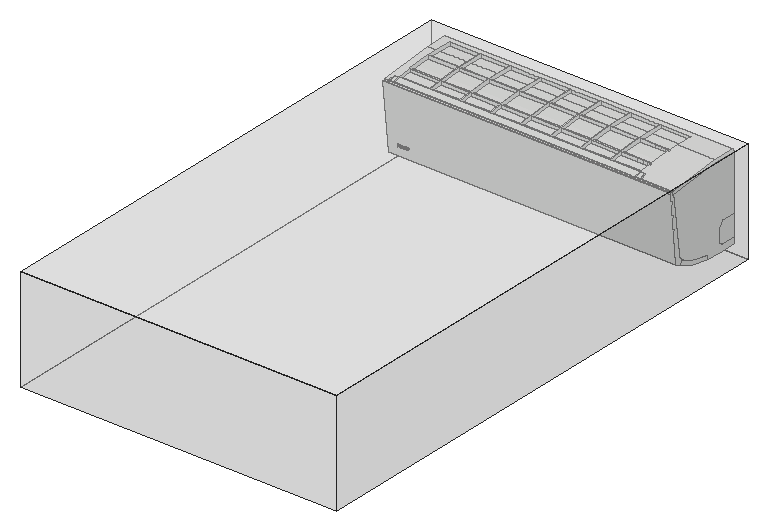
Revit family "outputfile", category 機械設備, Revit 2024
Family settings
  丸型コネクタ寸法 = 半径を使用
  パーツ タイプ = 標準
  OmniClass 番号 = 23.75.10.24.21.27.27
  OmniClass タイトル = Split System Air Conditioning Units
  作業面ベース = いいえ
  常に垂直 = はい
  ロード時にボイドで切り取り = いいえ
  注釈の向きを維持 = いいえ
  共有 = いいえ
  部屋計算ポイント = いいえ
Parameters (values of type "FTKF60CVA")
  Description = ""
  書き出し IFC クラス(タイプ) = "IfcUnitaryEquipmentType"
  定義済み IFC タイプ(タイプ) = "AIRCONDITIONINGUNIT"
  Cost = 0
  Type Comments = ""
  Keynote = ""
  Type Image = (empty or 0)
  Assembly Code = ""
  switch_frequency = yes
  lw_connection [instance] = if(Width = 730.0 mm, 85.0 mm, if(Width = 770.0 mm, 48.0 mm, 60.0 mm))  # 60.0 mm
  製造元 = "Daikin"
  モデル = "FTKF60CVA"
  r_Liquid Pipe Size = Liquid Pipe Size / 2  # 3.2 mm
  r_Gas Pipe Size = Gas Pipe Size / 2  # 6.35 mm
  r_Drain Pipe Size = Drain Pipe Size / 2  # 9.55 mm
  lw_powersupply [instance] = if(Width = 730.0 mm, if(or(Rear Right Connection_refrigerant, Bottom Right Connection_refrigerant), 65.0 mm, if(or(Rear Left Connection_refrigerant, Bottom Left Connection_refrigerant), 695.0 mm, 400.0 mm)), if(Width = 770.0 mm, if(or(Rear Right Connection_refrigerant, Bottom Right Connection_refrigerant), 68.0 mm, if(or(Rear Left Connection_refrigerant, Bottom Left Connection_refrigerant), 705.0 mm, 400.0 mm)), if(or(Rear Right Connection_refrigerant, Bottom Right Connection_refrigerant), 83.0 mm, if(or(Rear Left Connection_refrigerant, Bottom Left Connection_refrigerant), 928.0 mm, 400.0 mm))))  # 400.0 mm
  lw_liquidpipe [instance] = if(Width = 730.0 mm, if(or(Rear Right Connection_refrigerant, Bottom Right Connection_refrigerant), 0.0 mm, if(or(Rear Left Connection_refrigerant, Bottom Left Connection_refrigerant), 582.0 mm, 473.0 mm)), if(Width = 770.0 mm, if(or(Rear Right Connection_refrigerant, Bottom Right Connection_refrigerant), 0.0 mm, if(or(Rear Left Connection_refrigerant, Bottom Left Connection_refrigerant), 682.0 mm, 385.0 mm)), if(or(Rear Right Connection_refrigerant, Bottom Right Connection_refrigerant), 10.0 mm, if(or(Rear Left Connection_refrigerant, Bottom Left Connection_refrigerant), 858.0 mm, 435.0 mm))))  # 435.0 mm
  lw_gaspipe [instance] = if(Width = 730.0 mm, if(or(Rear Right Connection_refrigerant, Bottom Right Connection_refrigerant), 0.0 mm, if(or(Rear Left Connection_refrigerant, Bottom Left Connection_refrigerant), 576.0 mm, 428.0 mm)), if(Width = 770.0 mm, if(or(Rear Right Connection_refrigerant, Bottom Right Connection_refrigerant), 0.0 mm, if(or(Rear Left Connection_refrigerant, Bottom Left Connection_refrigerant), 675.0 mm, 335.0 mm)), if(or(Rear Right Connection_refrigerant, Bottom Right Connection_refrigerant), 0.0 mm, if(or(Rear Left Connection_refrigerant, Bottom Left Connection_refrigerant), 851.0 mm, 400.0 mm))))  # 400.0 mm
  lw_drainpipe [instance] = if(Width = 730.0 mm, if(or(Rear Right Connection_refrigerant, Bottom Right Connection_refrigerant), 0.0 mm, if(or(Rear Left Connection_refrigerant, Bottom Left Connection_refrigerant), 590.0 mm, 488.0 mm)), if(Width = 770.0 mm, if(or(Rear Right Connection_refrigerant, Bottom Right Connection_refrigerant), 0.0 mm, if(or(Rear Left Connection_refrigerant, Bottom Left Connection_refrigerant), 695.0 mm, 440.0 mm)), if(or(Rear Right Connection_refrigerant, Bottom Right Connection_refrigerant), 0.0 mm, if(or(Rear Left Connection_refrigerant, Bottom Left Connection_refrigerant), 888.0 mm, 475.0 mm))))  # 475.0 mm
  l_powersupply_length [instance] = if(Width = 730.0 mm, if(Right Connection_refrigerant, 400.0 mm, if(Left Connection_refrigerant, 330.0 mm, if(or(Bottom Left Connection_refrigerant, Bottom Right Connection_refrigerant), 57.0 mm, if(or(Rear Left Connection_refrigerant, Rear Right Connection_refrigerant), 15.0 mm, 50.0 mm)))), if(Width = 770.0 mm, if(Right Connection_refrigerant, 400.0 mm, if(Left Connection_refrigerant, 370.0 mm, if(or(Bottom Left Connection_refrigerant, Bottom Right Connection_refrigerant), 57.0 mm, if(or(Rear Left Connection_refrigerant, Rear Right Connection_refrigerant), 15.0 mm, 50.0 mm)))), if(Right Connection_refrigerant, 400.0 mm, if(Left Connection_refrigerant, 590.0 mm, if(or(Bottom Left Connection_refrigerant, Bottom Right Connection_refrigerant), 57.0 mm, if(or(Rear Left Connection_refrigerant, Rear Right Connection_refrigerant), 15.0 mm, 50.0 mm))))))  # 400.0 mm
  l_liquidpipe_length [instance] = if(Width = 730.0 mm, if(Right Connection_refrigerant, 558.0 mm, if(Left Connection_refrigerant, 172.0 mm, if(or(Bottom Left Connection_refrigerant, Bottom Right Connection_refrigerant), 48.0 mm, if(or(Rear Left Connection_refrigerant, Rear Right Connection_refrigerant), 30.0 mm, 40.0 mm)))), if(Width = 770.0 mm, if(Right Connection_refrigerant, 433.0 mm, if(Left Connection_refrigerant, 337.0 mm, if(or(Bottom Left Connection_refrigerant, Bottom Right Connection_refrigerant), 48.0 mm, if(or(Rear Left Connection_refrigerant, Rear Right Connection_refrigerant), 30.0 mm, 40.0 mm)))), if(Right Connection_refrigerant, 495.0 mm, if(Left Connection_refrigerant, 495.0 mm, if(or(Bottom Left Connection_refrigerant, Bottom Right Connection_refrigerant), 48.0 mm, if(or(Rear Left Connection_refrigerant, Rear Right Connection_refrigerant), 30.0 mm, 40.0 mm))))))  # 495.0 mm
  l_gaspipe_length [instance] = if(Width = 730.0 mm, if(Right Connection_refrigerant, 513.0 mm, if(Left Connection_refrigerant, 217.0 mm, if(or(Bottom Left Connection_refrigerant, Bottom Right Connection_refrigerant), 57.0 mm, if(or(Rear Left Connection_refrigerant, Rear Right Connection_refrigerant), 40.0 mm, 50.0 mm)))), if(Width = 770.0 mm, if(Right Connection_refrigerant, 383.0 mm, if(Left Connection_refrigerant, 387.0 mm, if(or(Bottom Left Connection_refrigerant, Bottom Right Connection_refrigerant), 57.0 mm, if(or(Rear Left Connection_refrigerant, Rear Right Connection_refrigerant), 40.0 mm, 50.0 mm)))), if(Right Connection_refrigerant, 460.0 mm, if(Left Connection_refrigerant, 530.0 mm, if(or(Bottom Left Connection_refrigerant, Bottom Right Connection_refrigerant), 57.0 mm, if(or(Rear Left Connection_refrigerant, Rear Right Connection_refrigerant), 40.0 mm, 50.0 mm))))))  # 460.0 mm
  l_drainpipe_length [instance] = if(Width = 730.0 mm, if(Right Connection_refrigerant, 573.0 mm, if(Left Connection_refrigerant, 157.0 mm, if(or(Bottom Left Connection_refrigerant, Bottom Right Connection_refrigerant), 35.0 mm, if(or(Rear Left Connection_refrigerant, Rear Right Connection_refrigerant), 15.0 mm, 20.0 mm)))), if(Width = 770.0 mm, if(Right Connection_refrigerant, 488.0 mm, if(Left Connection_refrigerant, 282.0 mm, if(or(Bottom Left Connection_refrigerant, Bottom Right Connection_refrigerant), 35.0 mm, if(or(Rear Left Connection_refrigerant, Rear Right Connection_refrigerant), 15.0 mm, 20.0 mm)))), if(Right Connection_refrigerant, 535.0 mm, if(Left Connection_refrigerant, 455.0 mm, if(or(Bottom Left Connection_refrigerant, Bottom Right Connection_refrigerant), 35.0 mm, if(or(Rear Left Connection_refrigerant, Rear Right Connection_refrigerant), 15.0 mm, 20.0 mm))))))  # 535.0 mm
  h*** = 0.0 mm  # constant formula
  connector_voltage = Voltage_60Hz  # 220 V
  connector_powerinput = [Power Input (Cooling)]  # 0.000 kW
  connector_phase = Phase_60Hz  # 1
  angle_vertical [instance] = if(or(Bottom Left Connection_refrigerant, Bottom Right Connection_refrigerant), 0.00°, 90.00°)  # 90.00°
  angle_horizontal [instance] = if(Right Connection_refrigerant, 90.00°, if(Left Connection_refrigerant, -90.00°, if(or(Rear Left Connection_refrigerant, Rear Right Connection_refrigerant), 180.00°, 0.00°)))  # 90.00°
  Width = 990.0 mm
  Voltage_comment_60Hz = "220"
  Voltage_60Hz = 220 V
  Version = "ver.1.0"
  Unit Type = "Wall Mounted"
  Unit Mass Weight = 13.00 kg
  Unit Designation [instance] = ""
  Uniclass2015Version = "Products v1.30"
  Uniclass2015Title = "Split coil room air conditioning units"
  Uniclass2015Code = "Pr_70_65_03_86"
  URL = ""
  Total Cooling Capacity [instance] = 0.000 kW
  Sound Pressure Level_M speed (dBA) = 41
  Sound Pressure Level_L speed (dBA) = 36
  Sound Pressure Level_H speed (dBA) = 43
  Sound Power Level_H speed (dB) = 0
  Series = "Single Split_Fan Coil Unit"
  Sensible Cooling Capacity [instance] = 0.000 kW
  Refrigerant Type = "R32"
  Power Input (Cooling) = 0.000 kW
  Phase_60Hz = 1
  Option Accessory 3 [instance] = ""
  Option Accessory 2 [instance] = ""
  Option Accessory 1 [instance] = ""
  Nominal Cooling Capacity = 6.590 kW
  Minimum Circuit Amps_60Hz = 0.0 A
  Minimum Airflow = 816.00 m³/h
  Median Airflow = 951.00 m³/h
  Maximum Fuse Amps_60Hz = 0.0 A
  Maximum Airflow = 1090.00 m³/h
  Material_Casing = DAIKIN_White_Casing_indoorunit
  Load Classification = HVAC
  Liquid Pipe Size = 6.4 mm
  Link_Nested Family [instance] = ""
  IfcVersion = ""
  IfcExportType = "AIRCONDITIONINGUNIT"
  IfcExportAs = "IfcUnitaryEquipmentType"
  Height = 297.0 mm
  Heat Exchanger Type = "Cross Fin Coil"
  Gas Pipe Size = 12.7 mm
  Frequency_60Hz = 60 Hz
  Fan Type = "Cross Flow Fan"
  Fan Drive = "Direct Drive"
  FCU Tag No. [instance] = ""
  Drain Pipe Size = 19.1 mm
  Design Supply Airflow [instance] = 0.00 m³/h
  Depth = 273.0 mm
  既定の高さ = 0.0 mm
  Cooling Entering Wet Bulb Temperature [instance] = 0.00 °C
  Cooling Entering Dry Bulb Temperature [instance] = 0.00 °C
  Cooling Ambient Wet Bulb Temperature [instance] = 0.00 °C
  Cooling Ambient Dry Bulb Temperature [instance] = 0.00 °C
  Clearance visibility [instance] = yes
  Clearance Top = 30.0 mm
  Clearance Right = 50.0 mm
  Clearance Rear = 0.0 mm
  Clearance Left = 50.0 mm
  Clearance Front = 1500.0 mm
  Clearance Bottom = 30.0 mm
  Bottom Right Connection_refrigerant [instance] = no
  Bottom Left Connection_refrigerant [instance] = no
  Rear Right Connection_refrigerant [instance] = no
  Rear Left Connection_refrigerant [instance] = no
  Right Connection_refrigerant [instance] = yes
  Left Connection_refrigerant [instance] = no
Reference planes
  plane 1 "Back": y = 0
  plane 2: z = 0
  plane 3 "Center (Left/Right)": x = 0
  plane 4 "Center (Front/Back)": y = -136.5
  plane 5 "Front": y = -273
  plane 6 "Left": x = -495
  plane 7 "Right": x = 495
  plane 8 "Top": z = 0
  plane 9 "Bottom": z = -297
  plane 10 "Front panel_Left": x = -493
  plane 11 "Front panel_Right": x = 493
  plane 12: x = 359
  plane 13: x = 354
  plane 14: x = -545
  plane 15: x = 545
  plane 16: y = 0
  plane 17: y = -213
  plane 18: z = 30
  plane 19: z = -327
  plane 20 "lw_Piping and Wiring intake": x = 435
  plane 21 "lw_gaspipe": x = 35
  plane 22 "lw_liquidpipe": x = 0
  plane 23 "lw_drainpipe": x = -40
  plane 24 "lh_drainpipe": z = -262
  plane 25 "lh_liquidpipe": z = -249
  plane 26 "lh_gaspipe": z = -240
  plane 27 "ld_drainpipe": y = -15
  plane 28 "ld_liquidpipe": y = -30
  plane 29 "ld_gaspipe": y = -40
  plane 30 "lw_powersupply": x = 95
  plane 31: y = -1773
Dimensions and locks
  equal spacing: plane 6 "Left", plane 3 "Center (Left/Right)", plane 7 "Right"
  "Width": plane 6 "Left" to plane 7 "Right"
  equal spacing: plane 5 "Front", plane 4 "Center (Front/Back)", plane 1 "Back"
  "Depth": plane 5 "Front" to plane 1 "Back"
  "Height": plane 8 "Top" to plane 9 "Bottom"
  locked: plane 10 "Front panel_Left" to plane 6 "Left" at 2
  locked: plane 7 "Right" to plane 11 "Front panel_Right" at 2
  locked: plane 7 "Right" to plane 12 at 136
  locked: plane 12 to plane 13 at 5
  "Clearance Rear": plane 16 to plane 1 "Back"
  "Clearance Top": plane 18 to plane 8 "Top"
  "Clearance Bottom": plane 9 "Bottom" to plane 19
  "lw_connection": plane 20 "lw_Piping and Wiring intake" to plane 7 "Right"
  "lw_gaspipe": plane 21 "lw_gaspipe" to plane 20 "lw_Piping and Wiring intake"
  "lw_liquidpipe": plane 22 "lw_liquidpipe" to plane 20 "lw_Piping and Wiring intake"
  "lw_drainpipe": plane 23 "lw_drainpipe" to plane 20 "lw_Piping and Wiring intake"
  locked: plane 24 "lh_drainpipe" to plane 9 "Bottom" at 35
  locked: plane 25 "lh_liquidpipe" to plane 9 "Bottom" at 48
  locked: plane 26 "lh_gaspipe" to plane 9 "Bottom" at 57
  locked: plane 27 "ld_drainpipe" to plane 1 "Back" at 15
  locked: plane 1 "Back" to plane 28 "ld_liquidpipe" at 30
  locked: plane 1 "Back" to plane 29 "ld_gaspipe" at 40
  "lw_powersupply": plane 30 "lw_powersupply" to plane 7 "Right"
  "Clearance Left": plane 14 to plane 6 "Left"
  "Clearance Right": plane 7 "Right" to plane 15
  "Clearance Front": plane 5 "Front" to plane 31
  aligned and locked: level to plane 2
  aligned and locked: plane 16 to nested 1
  aligned and locked: nested 1 to plane 14
  aligned and locked: nested 1 to plane 15
  aligned and locked: plane 19 to nested 1
  aligned and locked: plane 18 to nested 1
  aligned and locked: plane 21 "lw_gaspipe" to nested 2
  aligned and locked: nested 2 to plane 29 "ld_gaspipe"
  aligned and locked: plane 22 "lw_liquidpipe" to nested 3
  aligned and locked: nested 3 to plane 28 "ld_liquidpipe"
  aligned and locked: plane 23 "lw_drainpipe" to nested 4
  aligned and locked: nested 4 to plane 27 "ld_drainpipe"
  aligned and locked: nested 5 to plane 27 "ld_drainpipe"
  aligned and locked: plane 30 "lw_powersupply" to nested 5
  aligned and locked: level to plane 8 "Top"
  aligned and locked: nested 1 to plane 31
Nested families
  nested 1: "daikin_clearancespace" at (0, -886.5, -148.381), show <- "Clearance visibility", visible <- "Clearance visibility", Link_Nested Family <- "Link_Nested Family", type "daikin_clearancespace"
    with width 1090.0 mm, show yes, height 357.0 mm, depth 1773.0 mm, Link_Nested Family ""
  nested 2: "daikin_connector_rotate3" at (35, -40, -240), angle_vertical <- "angle_vertical", angle_horizontal <- "angle_horizontal", length <- "l_gaspipe_length", radius <- "r_Gas Pipe Size", type "daikin_connector_rotate3"
    with show no, radius 6.35 mm, length 460.0 mm, angle_vertical 90.00°, angle_horizontal 90.00°
  nested 3: "daikin_connector_rotate3" at (0, -30, -249), angle_vertical <- "angle_vertical", angle_horizontal <- "angle_horizontal", radius <- "r_Liquid Pipe Size", length <- "l_liquidpipe_length", type "daikin_connector_rotate3"
    with show no, radius 3.2 mm, length 495.0 mm, angle_vertical 90.00°, angle_horizontal 90.00°
  nested 4: "daikin_connector_rotate3" at (-40, -15, -262), angle_vertical <- "angle_vertical", angle_horizontal <- "angle_horizontal", length <- "l_drainpipe_length", radius <- "r_Drain Pipe Size", type "daikin_connector_rotate3"
    with show no, radius 9.55 mm, length 535.0 mm, angle_vertical 90.00°, angle_horizontal 90.00°
  nested 5: "daikin_connector_rotate3" at (95, -15, -240), angle_vertical <- "angle_vertical", angle_horizontal <- "angle_horizontal", length <- "l_powersupply_length", type "daikin_connector_rotate3"
    with show no, radius 10.0 mm, length 400.0 mm, angle_vertical 90.00°, angle_horizontal 90.00°
  nested 6: "DAIKIN_indoorunit_FTKF-CVA" at (-31, 0, 0), type "FTKF-CVA"
    with switch_unit1_60-71 yes, switch_unit1_20-25 no, Width 990.0 mm, WALL HOLE-R 48.0 mm, Height 297.0 mm
Connectors
  piping at (495, -40, -240), diameter 12.7, driven by "r_Gas Pipe Size"
    settings: on nested 2, index 1, connector inside diameter 609.6 mm, connector length 0.0 mm, flow factor 0, pipe flow 0.00 m³/h, pressure drop 0.0 Pa, fitting loss kfactor 0, connector angle 0.00°, fixture units 0, engagement length 0.0 mm, angle of deflection 0.00°, flow configuration 1, flow direction 2, fitting loss method 0, system type 29, joint type 0, gender type 0, connector reference index -1, connector utility 0, adjustable connector no, is connector primary yes, connector description "Refrigerant Gas Piping"
  piping at (495, -30, -249), diameter 6.4, driven by "r_Liquid Pipe Size"
    settings: on nested 3, index 2, connector inside diameter 609.6 mm, connector length 0.0 mm, flow factor 0, pipe flow 0.00 m³/h, pressure drop 0.0 Pa, fitting loss kfactor 0, connector angle 0.00°, fixture units 0, engagement length 0.0 mm, angle of deflection 0.00°, flow configuration 1, flow direction 1, fitting loss method 0, system type 29, joint type 0, gender type 0, connector reference index -1, connector utility 0, adjustable connector no, is connector primary no, connector description "Refrigerant Liquid Piping"
  piping at (495, -15, -262), diameter 19.1, driven by "r_Drain Pipe Size"
    settings: on nested 4, index 3, connector inside diameter 609.6 mm, connector length 0.0 mm, flow factor 0, pipe flow 0.00 m³/h, pressure drop 0.0 Pa, fitting loss kfactor 0, connector angle 0.00°, fixture units 0, engagement length 0.0 mm, angle of deflection 0.00°, flow configuration 1, flow direction 2, fitting loss method 4, system type 16, joint type 0, gender type 0, connector reference index -1, connector utility 0, adjustable connector no, is connector primary no, connector description "Condensate Drain Piping"
  electrical at (495, -15, -240), driven by "Load Classification", driven by "connector_phase", driven by "connector_powerinput", driven by "connector_voltage"
    settings: on nested 5, index 4, voltage 220 V, apparent load 0 VA, apparent load phase1 0 VA, apparent load phase2 0 VA, apparent load phase3 0 VA, power factor 1, load classification "HVAC", number of poles 1, system type 30, power factor state 1, is connector primary yes, connector utility no, sub classification motor no, connector description "Power Supply"
Definition of nested family "daikin_clearancespace"
  Parameters (values of type "daikin_clearancespace")
    Description = "daikin_clearancespace"
    width [instance] = 1823.963 mm
    show [instance] = yes
    material = none
    height [instance] = 1359.762 mm
    depth [instance] = 880.0 mm
    Default Elevation = 0.0 mm
    Link_Nested Family [instance] = ""
  Reference planes
    plane 1 "Center (Front/Back)": y = 0
    plane 2 "Center (Elevation)": z = -0.119
    plane 3 "Center (Left/Right)": x = 0
    plane 4: y = 440
    plane 5: y = -440
    plane 6 "Right": x = 911.982
    plane 7 "Left": x = -911.982
    plane 8 "Top": z = 679.762
    plane 9 "Bottom": z = -680
  Forms (mm)
    Extrusion 1, solid, material <- "material", visible <- "show"
      sketch origin (0, 0, 0) x (1, 0, 0) y (0, 1, 0)
        loop
          line (-911.982, 440) -> (-911.982, -440) -> (911.982, -440) -> (911.982, 440) -> (-911.982, 440)
      from -680 to 679.762
  Lines and regions (mm)
    symbolic lines, visible <- "show"
      curve 1: line (911.982, 440, 0) -> (-911.982, 440, 0)
      curve 2: line (-911.982, 440, 0) -> (-911.982, -440, 0)
      curve 3: line (-911.982, -440, 0) -> (911.982, -440, 0)
      curve 4: line (911.982, -440, 0) -> (911.982, 440, 0)
      curve 5: line (911.982, 0, 679.762) -> (-911.982, 0, 679.762)
      curve 6: line (911.982, 0, -680) -> (911.982, 0, 679.762)
      curve 7: line (-911.982, 0, -680) -> (911.982, 0, -680)
      curve 8: line (-911.982, 0, 679.762) -> (-911.982, 0, -680)
      curve 9: line (0, 440, 679.762) -> (0, -440, 679.762)
      curve 10: line (0, -440, 679.762) -> (0, -440, -680)
      curve 11: line (0, 440, -680) -> (0, 440, 679.762)
      curve 12: line (0, -440, -680) -> (0, 440, -680)
  Dimensions and locks
    "width": plane 7 "Left" to plane 6 "Right"
    "depth": plane 4 to plane 5
    "height": plane 8 "Top" to plane 9 "Bottom"
    equal spacing: plane 7 "Left", plane 3 "Center (Left/Right)", plane 6 "Right"
    equal spacing: plane 4, plane 1 "Center (Front/Back)", plane 5
    equal spacing: plane 8 "Top", plane 2 "Center (Elevation)", plane 9 "Bottom"
    aligned and locked: level to plane 2 "Center (Elevation)"
    aligned and locked: Extrusion 1 sketch curve to plane 4
    aligned and locked: plane 7 "Left" to Extrusion 1 sketch curve
    aligned and locked: Extrusion 1 sketch curve to plane 5
    aligned and locked: Extrusion 1 sketch curve to plane 6 "Right"
    aligned and locked: plane 8 "Top" to Extrusion 1
    aligned and locked: curve 1 to Extrusion 1
    aligned and locked: curve 2 to Extrusion 1
    aligned and locked: curve 3 to Extrusion 1
    aligned and locked: curve 4 to Extrusion 1
    aligned and locked: curve 5 to Extrusion 1
    aligned and locked: curve 6 to Extrusion 1
    aligned and locked: curve 7 to Extrusion 1
    aligned and locked: curve 8 to Extrusion 1
    aligned and locked: curve 9 to Extrusion 1
    aligned and locked: curve 10 to Extrusion 1
    aligned and locked: curve 11 to Extrusion 1
    aligned and locked: curve 12 to Extrusion 1
    aligned and locked: Extrusion 1 to plane 9 "Bottom"
Definition of nested family "DAIKIN_indoorunit_FTKF-CVA"
  Parameters (values of type "FTKF-CVA")
    switch_unit1_60-71 = Width = 990.0 mm  # no
    switch_unit1_35-50 = Width = 770.0 mm  # no
    switch_unit1_20-25 = Width = 730.0 mm  # yes
    Width = 730.0 mm
    WALL HOLE-R = if(Width = 730.0 mm, 79.0 mm, 48.0 mm)  # 79.0 mm
    Material_Casing = none
    Height = if(Width = 730.0 mm, 280.0 mm, if(Width = 770.0 mm, 288.0 mm, 297.0 mm))  # 280.0 mm
    Default Elevation = 0.0 mm
  Reference planes
    plane 1 "Center (Front/Back)": y = 0
    plane 2 "reference_level": z = 0
    plane 3 "Center (Left/Right)": x = 31
    plane 4: x = -334
    plane 5: x = 396
    plane 6: z = -280
  Forms (mm)
    Extrusion 1, solid, material <- "Material_Casing", visible <- "switch_unit1_20-25"
      sketch origin (31, 0, 0) x (0, 1, 0) y (0, 0, 1)
        loop
          line (-109.519, -8) -> (-2.596, -8) -> (-8.198, 0) -> (-109.608, 0)
          arc (-109.608, 0) -> (-157.226, -5.2) -> (-202.599, -20.555) r 220.623
          line (-202.599, -20.555) -> (-202.447, -29.25)
          arc (-202.447, -29.25) -> (-157.182, -13.38) -> (-109.519, -8) r 213.82
      from -365 to 365
    Extrusion 2, solid, material <- "Material_Casing", visible <- "switch_unit1_20-25"
      sketch origin (416, 1304.033, 1200.206) x (0, 1, 0) y (0, 0, 1)
        loop
          arc (-1496.513, -1423.164) -> (-1487.225, -1434.204) -> (-1476.373, -1443.711) r 95
          arc (-1476.373, -1443.711) -> (-1448.371, -1461.92) -> (-1418.191, -1476.232) r 250
          line (-1418.191, -1476.232) -> (-1418.191, -1465.318)
          arc (-1418.191, -1465.318) -> (-1445.052, -1452.134) -> (-1470.063, -1435.711) r 240
          arc (-1470.063, -1435.711) -> (-1477.766, -1429.186) -> (-1484.641, -1421.794) r 85
          line (-1484.641, -1421.794) -> (-1496.513, -1423.164)
      from -20 to -177
    Extrusion 3, solid, material <- "Material_Casing", visible <- "switch_unit1_20-25"
      sketch origin (31, 0, 0) x (0, 1, 0) y (0, 0, 1)
        loop
          line (-202.769, -10.816) -> (-211.618, -13.692)
          arc (-211.618, -13.692) -> (-212.628, -14.432) -> (-213, -15.629) r 2
          line (-213, -15.629) -> (-210.348, -167.5)
          arc (-210.348, -167.5) -> (-206.029, -195.818) -> (-193.465, -221.562) r 95
          line (-193.465, -221.562) -> (-181.653, -220.199)
          arc (-181.653, -220.199) -> (-195.31, -195.356) -> (-200.037, -167.403) r 85
          line (-200.037, -167.403) -> (-202.769, -10.816)
      from -365 to 365
    Extrusion 4, solid, material <- "Material_Casing", visible <- "switch_unit1_20-25"
      sketch origin (31, 0, 0) x (0, 1, 0) y (0, 0, 1)
        loop
          line (0, -280) -> (0, -11.707) -> (-2.596, -8) -> (-109.519, -8)
          arc (-109.519, -8) -> (-156.378, -13.198) -> (-200.959, -28.539) r 213.82
          line (-200.959, -28.539) -> (-198.537, -167.295)
          arc (-198.537, -167.295) -> (-189.766, -204.754) -> (-165.131, -234.305) r 83.5
          arc (-165.131, -234.305) -> (-139.841, -250.873) -> (-112.659, -264.109) r 238.5
          line (-112.659, -264.109) -> (-112.659, -276.338)
          arc (-112.659, -276.338) -> (-100.834, -279.079) -> (-88.731, -280) r 80
          line (-88.731, -280) -> (0, -280)
      from -365 to 365
    Extrusion 5, solid, material <- "Material_Casing", visible <- "switch_unit1_20-25"
      sketch origin (-354, 1304.033, 1200.206) x (0, 1, 0) y (0, 0, 1)
        loop
          arc (-1496.513, -1423.164) -> (-1487.225, -1434.204) -> (-1476.373, -1443.711) r 95
          arc (-1476.373, -1443.711) -> (-1448.371, -1461.92) -> (-1418.191, -1476.232) r 250
          line (-1418.191, -1476.232) -> (-1418.191, -1465.318)
          arc (-1418.191, -1465.318) -> (-1445.052, -1452.134) -> (-1470.063, -1435.711) r 240
          arc (-1470.063, -1435.711) -> (-1477.766, -1429.186) -> (-1484.641, -1421.794) r 85
          line (-1484.641, -1421.794) -> (-1496.513, -1423.164)
      from 72 to 20
    Extrusion 6, solid, material <- "Material_Casing", visible <- "switch_unit1_20-25"
      sketch origin (31, 7.782, 0.206) x (0, 1, 0) y (0, 0, 1)
        loop
          line (-188.39, -221.794) -> (-200.262, -223.164)
          arc (-200.262, -223.164) -> (-190.975, -234.204) -> (-180.122, -243.711) r 95
          arc (-180.122, -243.711) -> (-152.12, -261.92) -> (-121.941, -276.232) r 250
          line (-121.941, -276.232) -> (-121.941, -265.318)
          arc (-121.941, -265.318) -> (-148.801, -252.134) -> (-173.813, -235.711) r 240
          arc (-173.813, -235.711) -> (-181.515, -229.186) -> (-188.39, -221.794) r 85
      from 204 to -309
    Extrusion 7, void
      sketch origin (31, 0, -235) x (1, 0, 0) y (0, 1, 0)
        loop
          line (-324.633, -72.419) -> (-304, -73.5) -> (-234.9, -73.5) -> (-234.9, -24.5) -> (-324.633, -24.5) -> (-324.633, -72.419)
        loop
          line (-304, -74.9) -> (-324.633, -75.939) -> (-324.633, -139.819) -> (-304, -140.9) -> (-234.9, -140.9) -> (-234.9, -74.9) -> (-304, -74.9)
        loop
          line (-304, -142.3) -> (-324.633, -143.326) -> (-324.633, -182.209) -> (-300, -183.5) -> (-234.9, -183.5) -> (-234.9, -142.3) -> (-304, -142.3)
        loop
          line (-233.5, -142.3) -> (-233.5, -183.5) -> (-146.9, -183.5) -> (-146.9, -142.3) -> (-233.5, -142.3)
        loop
          line (-233.5, -140.9) -> (-146.9, -140.9) -> (-146.9, -74.9) -> (-233.5, -74.9) -> (-233.5, -140.9)
        loop
          line (-233.5, -73.5) -> (-146.9, -73.5) -> (-146.9, -24.5) -> (-233.5, -24.5) -> (-233.5, -73.5)
        loop
          line (-145.5, -73.5) -> (-74.9, -73.5) -> (-54.9, -72.452) -> (-54.9, -24.5) -> (-145.5, -24.5) -> (-145.5, -73.5)
        loop
          line (-145.5, -74.9) -> (-145.5, -140.9) -> (-74.9, -140.9) -> (-54.9, -139.852) -> (-54.9, -75.948) -> (-74.9, -74.9) -> (-145.5, -74.9)
        loop
          line (-145.5, -142.3) -> (-145.5, -183.5) -> (-74.9, -183.5) -> (-54.9, -182.452) -> (-54.9, -143.348) -> (-74.9, -142.3) -> (-145.5, -142.3)
        loop
          line (-53.5, -24.5) -> (-53.5, -72.452) -> (-33.5, -73.5) -> (36.5, -73.5) -> (36.5, -24.5) -> (-53.5, -24.5)
        loop
          line (-53.5, -75.948) -> (-53.5, -139.852) -> (-33.5, -140.9) -> (36.5, -140.9) -> (36.5, -74.9) -> (-33.5, -74.9) -> (-53.5, -75.948)
        loop
          line (-33.5, -142.3) -> (-53.5, -143.348) -> (-53.5, -182.452) -> (-33.5, -183.5) -> (36.5, -183.5) -> (36.5, -142.3) -> (-33.5, -142.3)
        loop
          line (37.9, -24.5) -> (37.9, -73.5) -> (124.9, -73.5) -> (124.9, -24.5) -> (37.9, -24.5)
        loop
          line (37.9, -74.9) -> (37.9, -140.9) -> (124.9, -140.9) -> (124.9, -74.9) -> (37.9, -74.9)
        loop
          line (37.9, -142.3) -> (37.9, -183.5) -> (124.9, -183.5) -> (124.9, -142.3) -> (37.9, -142.3)
        loop
          line (126.3, -24.5) -> (126.3, -73.5) -> (195.6, -73.5) -> (216, -72.431) -> (216, -24.5) -> (126.3, -24.5)
        loop
          line (126.3, -74.9) -> (126.3, -140.9) -> (198.5, -140.9) -> (216, -139.983) -> (216, -75.817) -> (198.5, -74.9) -> (126.3, -74.9)
        loop
          line (126.3, -142.3) -> (126.3, -183.5) -> (198.337, -183.5) -> (216, -182.623) -> (216, -143.217) -> (198.5, -142.3) -> (126.3, -142.3)
      from 201.638 to 250
    Extrusion 8, solid, material <- "Material_Casing"
      sketch origin (31, 0, 0) x (1, 0, 0) y (0, 0, 1)
        loop
          circle (286, -235) r 40
        loop
          circle (-317, -235) r 40
      from 0 to 5
    Extrusion 9, solid, material <- "Material_Casing", visible <- "switch_unit1_20-25"
      sketch origin (396, 1296.25, 1200) x (0, -1, 0) y (0, 0, 1)
        loop
          line (1326.25, -1413) -> (1296.25, -1413) -> (1296.25, -1473) -> (1326.25, -1473)
          arc (1326.25, -1473) -> (1340.393, -1467.142) -> (1346.25, -1453) r 20
          line (1346.25, -1453) -> (1346.25, -1433)
          arc (1346.25, -1433) -> (1340.393, -1418.858) -> (1326.25, -1413) r 20
      from 0 to 5
    Extrusion 10, solid, material <- "Material_Casing", visible <- "switch_unit1_20-25"
      sketch origin (-334, 1296.25, 1200) x (0, 1, 0) y (0, 0, 1)
        loop
          line (-1296.25, -1413) -> (-1326.25, -1413)
          arc (-1326.25, -1413) -> (-1340.393, -1418.858) -> (-1346.25, -1433) r 20
          line (-1346.25, -1433) -> (-1346.25, -1453)
          arc (-1346.25, -1453) -> (-1340.393, -1467.142) -> (-1326.25, -1473) r 20
          line (-1326.25, -1473) -> (-1296.25, -1473) -> (-1296.25, -1413)
      from 0 to 5
    Extrusion 11, solid, material <- "Material_Casing", visible <- "switch_unit1_20-25"
      sketch origin (11, 0, -285) x (-1, 0, 0) y (0, -1, 0)
        loop
          line (-279, 0) -> (-279, 30)
          arc (-279, 30) -> (-284.419, 43.081) -> (-297.5, 48.5) r 18.5
          line (-297.5, 48.5) -> (-320.5, 48.5)
          arc (-320.5, 48.5) -> (-333.581, 43.081) -> (-339, 30) r 18.5
          line (-339, 30) -> (-339, 0) -> (-279, 0)
        loop
          line (326, 0) -> (326, 30)
          arc (326, 30) -> (320.581, 43.081) -> (307.5, 48.5) r 18.5
          line (307.5, 48.5) -> (284.5, 48.5)
          arc (284.5, 48.5) -> (271.419, 43.081) -> (266, 30) r 18.5
          line (266, 30) -> (266, 0) -> (326, 0)
      from 10 to 5
    Extrusion 12, solid, material <- "Material_Casing", visible <- "switch_unit1_35-50"
      sketch origin (31, 0, 0) x (0, 1, 0) y (0, 0, 1)
        loop
          line (-5, 0) -> (-45.84, 0)
          arc (-45.84, 0) -> (-135.906, -3.965) -> (-225.275, -15.831) r 1024.823
          arc (-225.275, -15.831) -> (-224.639, -21.302) -> (-223.878, -26.758) r 241.564
          arc (-223.878, -26.758) -> (-135.207, -14.947) -> (-45.84, -11) r 1013.66
          line (-45.84, -11) -> (0, -11) -> (0, -9.02) -> (-5, 0)
      from -385 to 385
    Extrusion 13, solid, material <- "Material_Casing", visible <- "switch_unit1_35-50"
      sketch origin (31, 0, 0) x (0, 1, 0) y (0, 0, 1)
        loop
          arc (-226.673, -12.416) -> (-229.519, -12.929) -> (-232.363, -13.449) r 1025.776
          arc (-232.363, -13.449) -> (-233.586, -14.198) -> (-233.994, -15.573) r 2
          line (-233.994, -15.573) -> (-218.08, -217.408)
          arc (-218.08, -217.408) -> (-211.296, -237.286) -> (-195.807, -251.472) r 42.415
          line (-195.807, -251.472) -> (-186.556, -243.946)
          arc (-186.556, -243.946) -> (-193.981, -235.221) -> (-197.648, -224.366) r 30.386
          line (-197.648, -224.366) -> (-226.673, -12.416)
      from -385 to 385
    Extrusion 14, void
      sketch origin (33, 0, 0) x (1, 0, 0) y (0, 1, 0)
        loop
          line (-357.499, -23.5) -> (-357.499, -96.7) -> (-255.999, -96.7) -> (-255.999, -23.5) -> (-357.499, -23.5)
        loop
          line (-255.999, -99.1) -> (-357.499, -99.1) -> (-357.499, -170.1) -> (-255.999, -170.1) -> (-255.999, -99.1)
        loop
          line (-255.999, -171.7) -> (-357.499, -171.7) -> (-357.499, -201.7) -> (-255.999, -201.7) -> (-255.999, -171.7)
        loop
          line (-253.399, -23.5) -> (-253.399, -96.7) -> (-153.899, -96.7) -> (-153.899, -23.5) -> (-253.399, -23.5)
        loop
          line (-253.399, -99.1) -> (-253.399, -170.1) -> (-153.899, -170.1) -> (-153.899, -99.1) -> (-253.399, -99.1)
        loop
          line (-153.899, -171.7) -> (-253.399, -171.7) -> (-253.399, -201.7) -> (-153.899, -201.7) -> (-153.899, -171.7)
        loop
          line (-56.549, -23.5) -> (-151.299, -23.5) -> (-151.299, -96.7) -> (-56.549, -96.7) -> (-56.549, -23.5)
        loop
          line (-151.299, -99.1) -> (-151.299, -170.1) -> (-56.549, -170.1) -> (-56.549, -99.1) -> (-151.299, -99.1)
        loop
          line (-56.549, -171.7) -> (-151.299, -171.7) -> (-151.299, -201.7) -> (-56.549, -201.7) -> (-56.549, -171.7)
        loop
          line (50.301, -23.5) -> (-44.549, -23.5) -> (-44.549, -96.7) -> (50.301, -96.7) -> (50.301, -23.5)
        loop
          line (-44.549, -99.1) -> (-44.549, -170.1) -> (50.301, -170.1) -> (50.301, -99.1) -> (-44.549, -99.1)
        loop
          line (50.301, -171.7) -> (-44.549, -171.7) -> (-44.549, -201.7) -> (50.301, -201.7) -> (50.301, -171.7)
        loop
          line (52.901, -23.5) -> (52.901, -96.7) -> (152.401, -96.7) -> (152.401, -23.5) -> (52.901, -23.5)
        loop
          line (52.901, -99.1) -> (52.901, -170.1) -> (152.401, -170.1) -> (152.401, -99.1) -> (52.901, -99.1)
        loop
          line (52.901, -171.7) -> (52.901, -201.7) -> (152.401, -201.7) -> (152.401, -171.7) -> (52.901, -171.7)
        loop
          line (155.001, -23.5) -> (155.001, -96.7) -> (256.501, -96.7) -> (256.501, -23.5) -> (155.001, -23.5)
        loop
          line (155.001, -99.1) -> (155.001, -170.1) -> (217.501, -170.1) -> (229.501, -170.1) -> (241.501, -170.1) -> (256.501, -170.1) -> (256.501, -152.1) -> (256.501, -134.1) -> (256.501, -116.1) -> (256.501, -99.1) -> (241.501, -99.1) -> (229.501, -99.1) -> (217.501, -99.1) -> (155.001, -99.1)
        loop
          line (155.001, -171.7) -> (155.001, -201.7) -> (217.501, -201.7) -> (229.501, -201.7) -> (241.501, -201.7) -> (256.501, -201.7) -> (256.501, -171.7) -> (241.501, -171.7) -> (229.501, -171.7) -> (217.501, -171.7) -> (155.001, -171.7)
      from -40.013 to 47.268
    Extrusion 15, solid, material <- "Material_Casing", visible <- "switch_unit1_35-50"
      sketch origin (-356, 1308.25, 1200) x (0, 1, 0) y (0, 0, -1)
        loop
          line (-1407.524, 1473.254) -> (-1407.524, 1484.154)
          arc (-1407.524, 1484.154) -> (-1456.679, 1472.122) -> (-1503.106, 1451.987) r 299.52
          line (-1503.106, 1451.987) -> (-1494.032, 1444.604)
          arc (-1494.032, 1444.604) -> (-1451.915, 1462.363) -> (-1407.524, 1473.254) r 288.723
      from -2 to -49.5
    Extrusion 16, solid, material <- "Material_Casing", visible <- "switch_unit1_35-50"
      sketch origin (418, 1308.25, 1200) x (0, 1, 0) y (0, 0, 1)
        loop
          arc (-1407.524, -1473.254) -> (-1451.915, -1462.363) -> (-1494.032, -1444.604) r 288.723
          line (-1494.032, -1444.604) -> (-1503.106, -1451.987)
          arc (-1503.106, -1451.987) -> (-1456.679, -1472.122) -> (-1407.524, -1484.154) r 299.52
          line (-1407.524, -1484.154) -> (-1407.524, -1473.254)
      from -2 to -119.5
    Extrusion 17, solid, material <- "Material_Casing", visible <- "switch_unit1_35-50"
      sketch origin (418, 1308.25, 1200) x (0, 1, 0) y (0, 0, 1)
        loop
          line (-1407.524, -1484.154) -> (-1407.524, -1473.254)
          arc (-1407.524, -1473.254) -> (-1451.915, -1462.363) -> (-1494.032, -1444.604) r 288.723
          line (-1494.032, -1444.604) -> (-1503.106, -1451.987)
          arc (-1503.106, -1451.987) -> (-1456.679, -1472.122) -> (-1407.524, -1484.154) r 299.52
      from -119.5 to -724.5
    Extrusion 18, solid, material <- "Material_Casing", visible <- "switch_unit1_35-50"
      sketch origin (31, 0, -30) x (0, 1, 0) y (0, 0, 1)
        loop
          arc (-45.84, 19) -> (-135.218, 15.052) -> (-223.901, 3.238) r 1013.66
          line (-223.901, 3.238) -> (-196.855, -194.257)
          arc (-196.855, -194.257) -> (-192.985, -205.344) -> (-185.107, -214.052) r 29.589
          arc (-185.107, -214.052) -> (-142.926, -231.76) -> (-98.473, -242.568) r 288.081
          line (-98.473, -242.568) -> (-98.525, -254.271)
          arc (-98.525, -254.271) -> (-75.337, -257.066) -> (-52, -258) r 292.099
          line (-52, -258) -> (0, -258) -> (0, 19) -> (-45.84, 19)
      from -385 to 385
    Extrusion 19, solid, material <- "Material_Casing", visible <- "switch_unit1_35-50"
      sketch origin (416, 1296.25, 1200) x (0, -1, 0) y (0, 0, 1)
        loop
          line (1329.05, -1409.6) -> (1296.25, -1409.6) -> (1296.25, -1469.6) -> (1329.05, -1469.6)
          arc (1329.05, -1469.6) -> (1342.627, -1463.976) -> (1348.25, -1450.4) r 19.2
          line (1348.25, -1450.4) -> (1348.25, -1428.8)
          arc (1348.25, -1428.8) -> (1342.627, -1415.224) -> (1329.05, -1409.6) r 19.2
      from 0 to 5
    Extrusion 20, solid, material <- "Material_Casing", visible <- "switch_unit1_35-50"
      sketch origin (-349, 1296.25, 1200) x (0, -1, 0) y (0, 0, 1)
        loop
          line (1329.05, -1409.6) -> (1296.25, -1409.6) -> (1296.25, -1469.6) -> (1329.05, -1469.6)
          arc (1329.05, -1469.6) -> (1342.627, -1463.976) -> (1348.25, -1450.4) r 19.2
          line (1348.25, -1450.4) -> (1348.25, -1428.8)
          arc (1348.25, -1428.8) -> (1342.627, -1415.224) -> (1329.05, -1409.6) r 19.2
      from 0 to 5
    Extrusion 21, solid, material <- "Material_Casing", visible <- "switch_unit1_35-50"
      sketch origin (31, 200, -288) x (-1, 0, 0) y (0, -1, 0)
        loop
          line (369, 200) -> (369, 232)
          arc (369, 232) -> (363.142, 246.142) -> (349, 252) r 20
          line (349, 252) -> (329, 252)
          arc (329, 252) -> (314.858, 246.142) -> (309, 232) r 20
          line (309, 232) -> (309, 200) -> (369, 200)
        loop
          line (-369, 200) -> (-309, 200) -> (-309, 232)
          arc (-309, 232) -> (-314.858, 246.142) -> (-329, 252) r 20
          line (-329, 252) -> (-349, 252)
          arc (-349, 252) -> (-363.142, 246.142) -> (-369, 232) r 20
          line (-369, 232) -> (-369, 200)
      from 0 to 5
    Extrusion 22, void
      sketch origin (0, 0, 0) x (1, 0, 0) y (0, 1, 0)
        loop
          line (-308, -185.757) -> (-308, -202.769) -> (262, -202.769) -> (262, -185.757) -> (-308, -185.757)
      from -35 to 0
    Extrusion 23, solid, material <- "Material_Casing", visible <- "switch_unit1_20-25"
      sketch origin (0, 0, 0) x (1, 0, 0) y (0, 1, 0)
        loop
          line (-308, -185.757) -> (-308, -202.757) -> (-293, -202.757) -> (-293, -185.757) -> (-308, -185.757)
        loop
          line (262, -185.757) -> (247, -185.757) -> (247, -202.757) -> (262, -202.757) -> (262, -185.757)
      from -35 to 0
    Extrusion 24, solid, material <- "Material_Casing", visible <- "switch_unit1_20-25"
      sketch origin (0, 0, 0) x (1, 0, 0) y (0, 1, 0)
        loop
          line (-293, -190.757) -> (-293, -202.757) -> (247, -202.757) -> (247, -190.757) -> (203.171, -190.757) -> (203.171, -194.257)
          arc (203.171, -194.257) -> (202.732, -195.318) -> (201.671, -195.757) r 1.5
          line (201.671, -195.757) -> (180.129, -195.757)
          arc (180.129, -195.757) -> (179.068, -195.318) -> (178.629, -194.257) r 1.5
          line (178.629, -194.257) -> (178.629, -190.757) -> (46.421, -190.757) -> (46.421, -194.257)
          arc (46.421, -194.257) -> (45.982, -195.318) -> (44.921, -195.757) r 1.5
          line (44.921, -195.757) -> (23.379, -195.757)
          arc (23.379, -195.757) -> (22.318, -195.318) -> (21.879, -194.257) r 1.5
          line (21.879, -194.257) -> (21.879, -190.757) -> (-68.079, -190.757) -> (-68.079, -194.257)
          arc (-68.079, -194.257) -> (-68.518, -195.318) -> (-69.579, -195.757) r 1.5
          line (-69.579, -195.757) -> (-91.121, -195.757)
          arc (-91.121, -195.757) -> (-92.182, -195.318) -> (-92.621, -194.257) r 1.5
          line (-92.621, -194.257) -> (-92.621, -190.757) -> (-224.829, -190.757) -> (-224.829, -194.257)
          arc (-224.829, -194.257) -> (-225.268, -195.318) -> (-226.329, -195.757) r 1.5
          line (-226.329, -195.757) -> (-247.871, -195.757)
          arc (-247.871, -195.757) -> (-248.932, -195.318) -> (-249.371, -194.257) r 1.5
          line (-249.371, -194.257) -> (-249.371, -190.757) -> (-293, -190.757)
      from -35 to 0
    Extrusion 25, void
      sketch origin (31, 0, 0) x (0, 1, 0) y (0, 0, 1)
        loop
          line (-185.757, -13.903) -> (-185.757, 0) -> (-205.202, 0) -> (-205.202, -21.715)
          arc (-205.202, -21.715) -> (-195.563, -17.601) -> (-185.757, -13.903) r 245
        loop
          line (-205.202, -30.526) -> (-205.202, -35) -> (-185.757, -35) -> (-185.757, -22.404)
          arc (-185.757, -22.404) -> (-195.57, -26.249) -> (-205.202, -30.526) r 237
      from 231 to -339
    Extrusion 26, void
      sketch origin (0, 0, 0) x (1, 0, 0) y (0, 1, 0)
        loop
          line (-341.401, -199.9) -> (-342.412, -238.673) -> (306.373, -238.673)
          spline (306.373, -238.673) -> (306.288, -235.451) -> (306.202, -232.228) -> (306.116, -229.002) -> (306.031, -225.775) -> (305.945, -222.546) -> (305.859, -219.316) -> (305.774, -216.084) -> (305.688, -212.85) -> (305.602, -209.615) -> (305.517, -206.378) -> (305.431, -203.14) -> (305.345, -199.9)
          line (305.345, -199.9) -> (290.148, -199.9) -> (290.015, -203.69) -> (-326.04, -203.69) -> (-326.173, -199.9) -> (-341.401, -199.9)
      from 0 to -34.101
    Extrusion 27, solid, material <- "Material_Casing", visible <- "switch_unit1_35-50"
      sketch origin (0, 0, 0) x (1, 0, 0) y (0, 1, 0)
        loop
          line (-324.05, -226.673) -> (-324.05, -203.69) -> (-326.04, -203.69) -> (-326.173, -199.9) -> (-341.401, -199.9) -> (-342.099, -226.673) -> (-324.05, -226.673)
        loop
          line (305.344, -199.9) -> (290.148, -199.9) -> (290.015, -203.69) -> (288.001, -203.69) -> (288.001, -226.673) -> (306.055, -226.673) -> (305.344, -199.9)
      from 0 to -30
    Extrusion 28, solid, material <- "Material_Casing", visible <- "switch_unit1_35-50"
      sketch origin (0, 0, 0) x (1, 0, 0) y (0, 1, 0)
        loop
          line (288.001, -203.69) -> (-324.05, -203.69) -> (-324.05, -226.673) -> (288.001, -226.673) -> (288.001, -203.69)
      from 0 to -30
    Extrusion 29, void
      sketch origin (31, 0, 0) x (0, 1, 0) y (0, 0, 1)
        loop
          arc (-223.878, -26.758) -> (-224.639, -21.302) -> (-225.275, -15.831) r 241.564
          arc (-225.275, -15.831) -> (-212.6, -13.659) -> (-199.9, -11.646) r 1024.823
          line (-199.9, -11.646) -> (-199.9, 0) -> (-238.673, 0) -> (-238.673, -30) -> (-199.9, -30) -> (-199.9, -22.776)
          arc (-199.9, -22.776) -> (-211.901, -24.695) -> (-223.878, -26.758) r 1013.66
      from -385 to 385
    Extrusion 30, void
      sketch origin (31, 12, 0) x (0, 1, 0) y (0, 0, 1)
        loop
          arc (-201.887, -254.601) -> (-173.585, -267.35) -> (-144.115, -277.1) r 299.52
          line (-144.115, -277.1) -> (-122.392, -277.1)
          arc (-122.392, -277.1) -> (-157.174, -267.937) -> (-190.58, -254.601) r 294.52
          line (-190.58, -254.601) -> (-201.887, -254.601)
      from 303 to 335
    Extrusion 31, solid, material <- "Material_Casing", visible <- "switch_unit1_35-50"
      sketch origin (31, 12, 0) x (0, 1, 0) y (0, 0, 1)
        loop
          arc (-201.887, -254.601) -> (-173.585, -267.35) -> (-144.115, -277.1) r 299.52
          line (-144.115, -277.1) -> (-122.392, -277.1)
          arc (-122.392, -277.1) -> (-157.174, -267.937) -> (-190.58, -254.601) r 294.52
          line (-190.58, -254.601) -> (-201.887, -254.601)
      from 303 to 335
    Extrusion 32, void
      sketch origin (31, 12, 0) x (0, 1, 0) y (0, 0, 1)
        loop
          arc (-197.929, -256.6) -> (-189.925, -260.422) -> (-181.811, -264.005) r 299.52
          line (-181.811, -264.005) -> (-173.896, -264.005)
          arc (-173.896, -264.005) -> (-182.522, -260.437) -> (-191.03, -256.6) r 296.52
          line (-191.03, -256.6) -> (-197.929, -256.6)
      from 308.25 to 329.75
    Extrusion 33, solid, material <- "Material_Casing", visible <- "switch_unit1_35-50"
      sketch origin (31, 12, 0) x (0, 1, 0) y (0, 0, 1)
        loop
          line (-191.03, -256.6) -> (-197.929, -256.6)
          arc (-197.929, -256.6) -> (-189.925, -260.422) -> (-181.811, -264.005) r 299.52
          line (-181.811, -264.005) -> (-173.896, -264.005)
          arc (-173.896, -264.005) -> (-182.522, -260.437) -> (-191.03, -256.6) r 296.52
      from 308.25 to 329.75
    Extrusion 34, solid, material <- "Material_Casing", visible <- "switch_unit1_60-71"
      sketch origin (31, 0, 0) x (0, 1, 0) y (0, 0, 1)
        loop
          line (0, -9.411) -> (-5.217, 0) -> (-81.299, 0)
          arc (-81.299, 0) -> (-172.954, -4.661) -> (-263.664, -18.596) r 903.475
          line (-263.664, -18.596) -> (-262.227, -29.099)
          arc (-262.227, -29.099) -> (-172.204, -15.282) -> (-81.24, -10.748) r 889.035
          spline (-81.24, -10.748) -> (-74.468, -10.758) -> (-67.697, -10.768) -> (-60.927, -10.777) -> (-54.156, -10.787) -> (-47.386, -10.797) -> (-40.616, -10.807) -> (-33.846, -10.817) -> (-27.076, -10.827) -> (-20.307, -10.837) -> (-13.538, -10.846) -> (-6.769, -10.856) -> (0, -10.866)
          line (0, -10.866) -> (0, -9.411)
      from -495 to 495
    Extrusion 35, solid, material <- "Material_Casing", visible <- "switch_unit1_60-71"
      sketch origin (31, 0, 0) x (0, 1, 0) y (0, 0, 1)
        loop
          arc (-61.32, -11) -> (-162.288, -14.333) -> (-262.227, -29.099) r 889.035
          line (-262.227, -29.099) -> (-235.753, -222.656)
          arc (-235.753, -222.656) -> (-231.042, -237.333) -> (-221.593, -249.512) r 44.358
          arc (-221.593, -249.512) -> (-169.646, -270.267) -> (-114.65, -280.495) r 285.5
          line (-114.65, -280.495) -> (-114.65, -294.996)
          arc (-114.65, -294.996) -> (-88.244, -296.499) -> (-61.8, -297) r 697.94
          line (-61.8, -297) -> (0, -297) -> (0, -11) -> (-61.32, -11)
      from -495 to 495
    Extrusion 36, solid, material <- "Material_Casing", visible <- "switch_unit1_60-71"
      sketch origin (31, 0.704, 0) x (0, 1, 0) y (0, 0, 1)
        loop
          arc (-234.553, -259.361) -> (-177.189, -283.256) -> (-116.154, -294.93) r 302.598
          line (-116.154, -294.93) -> (-116.154, -281.229)
          arc (-116.154, -281.229) -> (-130.021, -279.659) -> (-143.795, -277.416) r 286.286
          arc (-143.795, -277.416) -> (-184.393, -266.65) -> (-222.978, -250.06) r 286.299
          line (-222.978, -250.06) -> (-234.553, -259.361)
      from -495 to -449
    Extrusion 37, solid, material <- "Material_Casing", visible <- "switch_unit1_60-71"
      sketch origin (86, 0.704, 0) x (0, 1, 0) y (0, 0, 1)
        loop
          arc (-234.553, -259.361) -> (-177.189, -283.256) -> (-116.154, -294.93) r 302.598
          line (-116.154, -294.93) -> (-116.154, -281.229)
          arc (-116.154, -281.229) -> (-130.021, -279.659) -> (-143.795, -277.416) r 286.286
          arc (-143.795, -277.416) -> (-184.393, -266.65) -> (-222.978, -250.06) r 286.299
          line (-222.978, -250.06) -> (-234.553, -259.361)
      from -498 to 288
    Extrusion 38, solid, material <- "Material_Casing", visible <- "switch_unit1_60-71"
      sketch origin (237.5, 0.704, 0) x (0, 1, 0) y (0, 0, 1)
        loop
          arc (-234.553, -259.361) -> (-177.189, -283.256) -> (-116.154, -294.93) r 302.598
          line (-116.154, -294.93) -> (-116.154, -281.229)
          arc (-116.154, -281.229) -> (-130.021, -279.659) -> (-143.795, -277.416) r 286.286
          arc (-143.795, -277.416) -> (-184.393, -266.65) -> (-222.978, -250.06) r 286.299
          line (-222.978, -250.06) -> (-234.553, -259.361)
      from 141.5 to 288.5
    Extrusion 39, solid, material <- "Material_Casing", visible <- "switch_unit1_60-71"
      sketch origin (31, 0, 0) x (0, 1, 0) y (0, 0, 1)
        loop
          arc (-222.666, -249.246) -> (-231.958, -237) -> (-236.602, -222.347) r 45.158
          line (-236.602, -222.347) -> (-264.436, -18.854)
          arc (-264.436, -18.854) -> (-268.128, -19.63) -> (-271.818, -20.421) r 900
          arc (-271.818, -20.421) -> (-272.685, -20.967) -> (-272.999, -21.943) r 1.5
          line (-272.999, -21.943) -> (-248.932, -250.575)
          arc (-248.932, -250.575) -> (-241.732, -254.782) -> (-234.424, -258.8) r 320
          line (-234.424, -258.8) -> (-222.666, -249.246)
      from -495 to 495
    Extrusion 40, solid, material <- "Material_Casing", visible <- "switch_unit1_60-71"
      sketch origin (31, 0, 0) x (0, 1, 0) y (0, 0, 1)
        loop
          arc (-41.8, -202) -> (-55.942, -207.858) -> (-61.8, -222) r 20
          line (-61.8, -222) -> (-61.8, -255.5)
          arc (-61.8, -255.5) -> (-55.942, -269.642) -> (-41.8, -275.5) r 20
          line (-41.8, -275.5) -> (0, -275.5) -> (0, -202) -> (-41.8, -202)
      from -495 to -490
    Extrusion 41, solid, material <- "Material_Casing", visible <- "switch_unit1_60-71"
      sketch origin (31, 0, 0) x (0, 1, 0) y (0, 0, -1)
        loop
          line (-41.8, 202) -> (0, 202) -> (0, 275.5) -> (-41.8, 275.5)
          arc (-41.8, 275.5) -> (-55.942, 269.642) -> (-61.8, 255.5) r 20
          line (-61.8, 255.5) -> (-61.8, 222)
          arc (-61.8, 222) -> (-55.942, 207.858) -> (-41.8, 202) r 20
      from -495 to -490
    Extrusion 42, solid, material <- "Material_Casing", visible <- "switch_unit1_60-71"
      sketch origin (0, 0, 0) x (1, 0, 0) y (0, 1, 0)
        loop
          line (-438, 0) -> (-438, -41.8)
          arc (-438, -41.8) -> (-432.142, -55.942) -> (-418, -61.8) r 20
          line (-418, -61.8) -> (-384.5, -61.8)
          arc (-384.5, -61.8) -> (-370.358, -55.942) -> (-364.5, -41.8) r 20
          line (-364.5, -41.8) -> (-364.5, 0) -> (-438, 0)
        loop
          line (426.5, 0) -> (426.5, -41.8)
          arc (426.5, -41.8) -> (432.358, -55.942) -> (446.5, -61.8) r 20
          line (446.5, -61.8) -> (480, -61.8)
          arc (480, -61.8) -> (494.142, -55.942) -> (500, -41.8) r 20
          line (500, -41.8) -> (500, 0) -> (426.5, 0)
      from -297 to -292
    Extrusion 43, void
      sketch origin (0, 0, 0) x (1, 0, 0) y (0, 1, 0)
        loop
          line (-434.5, -23.5) -> (-434.5, -112.5) -> (-330.5, -112.5) -> (-330.5, -23.5) -> (-434.5, -23.5)
        loop
          line (-434.5, -115.5) -> (-434.5, -192.7) -> (-330.5, -192.7) -> (-330.5, -115.5) -> (-434.5, -115.5)
        loop
          line (-434.5, -195.7) -> (-434.5, -236.8) -> (-330.5, -236.8) -> (-330.5, -195.7) -> (-434.5, -195.7)
        loop
          line (-328, -23.5) -> (-328, -112.5) -> (-227, -112.5) -> (-227, -23.5) -> (-328, -23.5)
        loop
          line (-328, -115.5) -> (-328, -192.7) -> (-227, -192.7) -> (-227, -115.5) -> (-328, -115.5)
        loop
          line (-328, -195.7) -> (-328, -236.8) -> (-227, -236.8) -> (-227, -195.7) -> (-328, -195.7)
        loop
          line (-224.5, -23.5) -> (-224.5, -112.5) -> (-123.5, -112.5) -> (-123.5, -23.5) -> (-224.5, -23.5)
        loop
          line (-224.5, -115.5) -> (-224.5, -192.7) -> (-123.5, -192.7) -> (-123.5, -115.5) -> (-224.5, -115.5)
        loop
          line (-224.5, -195.7) -> (-224.5, -236.8) -> (-123.5, -236.8) -> (-123.5, -195.7) -> (-224.5, -195.7)
        loop
          line (-121, -23.5) -> (-121, -112.5) -> (-20, -112.5) -> (-20, -23.5) -> (-121, -23.5)
        loop
          line (-121, -115.5) -> (-121, -192.7) -> (-20, -192.7) -> (-20, -115.5) -> (-121, -115.5)
        loop
          line (-121, -195.7) -> (-121, -236.8) -> (-20, -236.8) -> (-20, -195.7) -> (-121, -195.7)
        loop
          line (-17.5, -23.5) -> (-17.5, -112.5) -> (83.5, -112.5) -> (83.5, -23.5) -> (-17.5, -23.5)
        loop
          line (-17.5, -115.5) -> (-17.5, -192.7) -> (83.5, -192.7) -> (83.5, -115.5) -> (-17.5, -115.5)
        loop
          line (-17.5, -195.7) -> (-17.5, -236.8) -> (83.5, -236.8) -> (83.5, -195.7) -> (-17.5, -195.7)
        loop
          line (86, -23.5) -> (86, -112.5) -> (187, -112.5) -> (187, -23.5) -> (86, -23.5)
        loop
          line (86, -115.5) -> (86, -192.7) -> (187, -192.7) -> (187, -115.5) -> (86, -115.5)
        loop
          line (86, -195.7) -> (86, -236.8) -> (187, -236.8) -> (187, -195.7) -> (86, -195.7)
        loop
          line (189.5, -23.5) -> (189.5, -112.5) -> (290.5, -112.5) -> (290.5, -23.5) -> (189.5, -23.5)
        loop
          line (189.5, -115.5) -> (189.5, -192.7) -> (290.5, -192.7) -> (290.5, -115.5) -> (189.5, -115.5)
        loop
          line (189.5, -195.7) -> (189.5, -236.8) -> (290.5, -236.8) -> (290.5, -195.7) -> (189.5, -195.7)
        loop
          line (293, -23.5) -> (293, -112.5) -> (397, -112.5) -> (397, -23.5) -> (293, -23.5)
        loop
          line (293, -115.5) -> (293, -192.7) -> (350.7, -192.7) -> (367.5, -192.7) -> (384.75, -192.7) -> (397, -192.7) -> (397, -115.5) -> (384.75, -115.5) -> (367.5, -115.5) -> (350.7, -115.5) -> (293, -115.5)
        loop
          line (293, -195.7) -> (293, -236.8) -> (350.7, -236.8) -> (367.5, -236.8) -> (384.75, -236.8) -> (397, -236.8) -> (397, -195.7) -> (384.75, -195.7) -> (367.5, -195.7) -> (350.7, -195.7) -> (293, -195.7)
      from 30 to -30
    Extrusion 44, void
      sketch origin (0, 0, 0) x (1, 0, 0) y (0, 1, 0)
        loop
          line (411, -239) -> (-449.5, -239) -> (-449.5, -254) -> (-451.5, -254) -> (-451.5, -264.436) -> (415.5, -264.436) -> (415.5, -254) -> (411, -254) -> (411, -239)
      from 0 to -30
    Extrusion 45, solid, material <- "Material_Casing", visible <- "switch_unit1_60-71"
      sketch origin (0, 0, 0) x (1, 0, 0) y (0, 1, 0)
        loop
          line (-451.5, -265) -> (-435.5, -265) -> (-435.5, -239) -> (-449.5, -239) -> (-449.5, -254) -> (-451.5, -254) -> (-451.5, -265)
        loop
          line (398, -265) -> (415.5, -265) -> (415.5, -254) -> (411, -254) -> (411, -239) -> (398, -239) -> (398, -265)
      from 0 to -30
    Extrusion 46, solid, material <- "Material_Casing", visible <- "switch_unit1_60-71"
      sketch origin (0, 0, 0) x (1, 0, 0) y (0, 1, 0)
        loop
          line (-435.5, -239) -> (-435.5, -264.436) -> (397, -264.436) -> (397, -239) -> (-435.5, -239)
      from 0 to -30
    Extrusion 47, void
      sketch origin (31, 0, 0) x (0, 1, 0) y (0, 0, 1)
        loop
          line (-228.739, -12.112) -> (-228.739, 5) -> (-268.475, 5) -> (-268.475, -33.272) -> (-228.739, -33.272) -> (-228.739, -22.853)
          arc (-228.739, -22.853) -> (-245.513, -25.815) -> (-262.227, -29.099) r 889.035
          line (-262.227, -29.099) -> (-263.664, -18.596)
          arc (-263.664, -18.596) -> (-246.233, -15.182) -> (-228.739, -12.112) r 903.475
      from -495 to 495
    Extrusion 48, void
      sketch origin (31, 0.704, 0) x (0, 1, 0) y (0, 0, 1)
        loop
          arc (-230.546, -261.498) -> (-203.172, -274.143) -> (-174.675, -284) r 302.598
          line (-174.675, -284) -> (-154.527, -284)
          arc (-154.527, -284) -> (-187.624, -274.628) -> (-219.42, -261.498) r 297.598
          line (-219.42, -261.498) -> (-230.546, -261.498)
      from 413 to 445
    Extrusion 49, solid, material <- "Material_Casing", visible <- "switch_unit1_60-71"
      sketch origin (31, 0.704, 0) x (0, 1, 0) y (0, 0, 1)
        loop
          arc (-230.546, -261.498) -> (-203.172, -274.143) -> (-174.675, -284) r 302.598
          line (-174.675, -284) -> (-154.527, -284)
          arc (-154.527, -284) -> (-187.624, -274.628) -> (-219.42, -261.498) r 297.598
          line (-219.42, -261.498) -> (-230.546, -261.498)
      from 413 to 445
    Extrusion 50, void
      sketch origin (31, 0.704, 0) x (0, 1, 0) y (0, 0, 1)
        loop
          arc (-226.657, -263.5) -> (-218.833, -267.315) -> (-210.902, -270.904) r 302.598
          line (-210.902, -270.904) -> (-203.176, -270.904)
          arc (-203.176, -270.904) -> (-211.581, -267.329) -> (-219.872, -263.5) r 299.598
          line (-219.872, -263.5) -> (-226.657, -263.5)
      from 418.25 to 439.75
    Extrusion 51, solid, material <- "Material_Casing", visible <- "switch_unit1_60-71"
      sketch origin (31, 0.704, 0) x (0, 1, 0) y (0, 0, 1)
        loop
          arc (-226.657, -263.5) -> (-218.833, -267.315) -> (-210.902, -270.904) r 302.598
          line (-210.902, -270.904) -> (-203.176, -270.904)
          arc (-203.176, -270.904) -> (-211.581, -267.329) -> (-219.872, -263.5) r 299.598
          line (-219.872, -263.5) -> (-226.657, -263.5)
      from 418.25 to 439.75
    Extrusion 52, void
      sketch origin (31, 0, 0) x (0, 1, 0) y (0, 0, 1)
        loop
          arc (-185.09, -232.006) -> (-178.976, -238.044) -> (-172.34, -243.506) r 95
          arc (-172.34, -243.506) -> (-152.916, -256.693) -> (-132.34, -268) r 250
          line (-132.34, -268) -> (-120.445, -268)
          arc (-120.445, -268) -> (-145.718, -255.169) -> (-169.341, -239.505) r 245
          arc (-169.341, -239.505) -> (-173.845, -235.896) -> (-178.109, -232.006) r 90
          line (-178.109, -232.006) -> (-185.09, -232.006)
      from 304.5 to 337.5
    Extrusion 53, solid, material <- "Material_Casing", visible <- "switch_unit1_20-25"
      sketch origin (31, 0, 0) x (0, 1, 0) y (0, 0, 1)
        loop
          arc (-169.341, -239.505) -> (-173.845, -235.896) -> (-178.109, -232.006) r 90
          line (-178.109, -232.006) -> (-185.09, -232.006)
          arc (-185.09, -232.006) -> (-178.976, -238.044) -> (-172.34, -243.506) r 95
          arc (-172.34, -243.506) -> (-152.916, -256.693) -> (-132.34, -268) r 250
          line (-132.34, -268) -> (-120.445, -268)
          arc (-120.445, -268) -> (-145.718, -255.169) -> (-169.341, -239.505) r 245
      from 304.5 to 337.5
    Extrusion 54, void
      sketch origin (31, 0, 0) x (0, 1, 0) y (0, 0, 1)
        loop
          arc (-181.178, -235.993) -> (-176.874, -239.885) -> (-172.34, -243.506) r 95
          arc (-172.34, -243.506) -> (-169.962, -245.267) -> (-167.563, -247) r 250
          line (-167.563, -247) -> (-162.335, -247)
          arc (-162.335, -247) -> (-166.468, -244.095) -> (-170.54, -241.106) r 247
          arc (-170.54, -241.106) -> (-173.711, -238.618) -> (-176.77, -235.993) r 92
          line (-176.77, -235.993) -> (-181.178, -235.993)
      from 310.25 to 331.75
    Extrusion 55, solid, material <- "Material_Casing", visible <- "switch_unit1_20-25"
      sketch origin (31, 0, 0) x (0, 1, 0) y (0, 0, 1)
        loop
          line (-176.77, -235.993) -> (-181.178, -235.993)
          arc (-181.178, -235.993) -> (-176.874, -239.885) -> (-172.34, -243.506) r 95
          arc (-172.34, -243.506) -> (-169.962, -245.267) -> (-167.563, -247) r 250
          line (-167.563, -247) -> (-162.335, -247)
          arc (-162.335, -247) -> (-166.468, -244.095) -> (-170.54, -241.106) r 247
          arc (-170.54, -241.106) -> (-173.711, -238.618) -> (-176.77, -235.993) r 92
      from 310.25 to 331.75
  Cuts and joins
    Extrusion 7, Extrusion 22, Extrusion 25 cuts Extrusion 1
    Extrusion 14, Extrusion 26, Extrusion 29 cuts Extrusion 12
    Extrusion 25 cuts Extrusion 23
    Extrusion 25 cuts Extrusion 24
    Extrusion 29 cuts Extrusion 28
    Extrusion 29 cuts Extrusion 27
    Extrusion 30, Extrusion 32 cuts Extrusion 17
    Extrusion 30 cuts Extrusion 16
    Extrusion 32 cuts Extrusion 31
    Extrusion 43, Extrusion 44 cuts Extrusion 34
    Extrusion 47 cuts Extrusion 45
    Extrusion 48, Extrusion 50 cuts Extrusion 37
